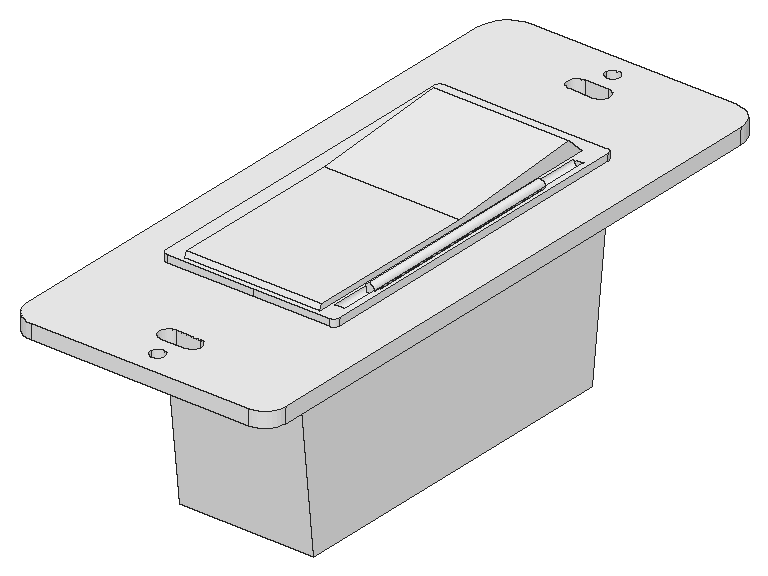
Revit family "RSD", category Communication Devices, host Face, Revit 2014
Parameters (values of type "RSDE06")
  Warranty = "5-Years Warranty"  # constant formula
  Voltage = "120/277VAC"
  Type Comments = "Rocker Slide Dimmers"  # constant formula
  URL = "https://www.hubbell.com/hubbellcontrolsolutions/en"
  Switch Type = "Single-Pole & 3-Way"
  RSDL06 = 0.00"
  Mounting = "Single-gang NEMA-style switch box, Decorator-style wall plate"
  Model = "RSDE06"
  Manufacturer = "Hubbell Control Solutions"  # constant formula
  Width = 1.75"
  Load Type = "0–10V, 0–10V Fluorescent (120V),\r\n0–10V Fluorescent (277V)"
  LED = no
  Frequency = 60 Hz
  Features = "Rocker switch with slender dimmer control slide bar\r\n• Integrated linear full-range slide control for easy, precise operation\r\n• Separate ON/OFF switch that preserves the selected brightness setting\r\n• Provides single pole (one location) or 3-way (two location) lighting control\r\nwhen paired with a 3-way switch\r\n• Slim, compact housing fits easily into a standard wallbox\r\n• No fins for multi-gang installation\r\n• Built-in radio/TV interference filter"  # constant formula
  Black = Paint - Hubbell - Carbon Black
  Height = 4.13"
  White = Paint - Hubbell - Matte White
  Description = "Rocker-Slide Dimmer for Electronic Low Voltage, Dimmable LED and CFL, 600VA@120VAC Electronic Low Voltage,\r\n300W@120VAC Dimmable LED and CFL, 60Hz, Neutral Required, Single Pole or 3-Way - White, Ivory & Light Almond"
  Default Elevation = 48.00"
  Create Date = "09/11/2019"
  Copyright = "Copyright © 2019 Hubbell Control Solutions"  # constant formula
  Contact Us = "https://www.hubbell.com/hubbellcontrolsolutions/en/contactUs"
  Assembly Code = "D5090"
Types (5): name | Model | LED | Description
  (no name) | "RSDE06" | no | "Rocker-Slide Dimmer for Electronic Low Voltage, Dimmable LED and CFL, 600VA@120VAC Electronic Low Voltage,\r\n300W@120VAC Dimmable LED and CFL, 60Hz, Neutral Required, Single Pole or 3-Way - White, Ivory & Light Almond"
  RSD710 | "RSD710" | yes | "Rocker-Slide Dimmer for Fluorescent Ballast and LED Power Supply, 0-10V Dimming, 1200VA@120VAC, 1500VA@277VAC,\r\n60Hz, Single Pole or 3-Way, Suitable for use with Class 1 or Class 2 wiring - White, Ivory & Light Almond"
  RSDL06 | "RSDL06" | yes | "Rocker-Slide Dimmer for Dimmable LED, CFL and Incandescent, Locator Light, 600W@120VAC Incandescent,\r\n300W@120VAC Dimmable LED and CFL, 60Hz, Single Pole or 3-Way - White, Ivory & Light Almond"
  RSDE06 | "RSDE06" | no | "Rocker-Slide Dimmer for Electronic Low Voltage, Dimmable LED and CFL, 600VA@120VAC Electronic Low Voltage,\r\n300W@120VAC Dimmable LED and CFL, 60Hz, Neutral Required, Single Pole or 3-Way - White, Ivory & Light Almond"
  RSDM10 | "RSDM10" | no | "Rocker-Slide Dimmer for MLV, Incandescent, Dimmable LED and CFL, Locator Light, 1000VA@120VAC MLV, 1000W@120VAC\r\nIncandescent, 450W@120VAC Dimmable LED and CFL, 60Hz, Single Pole or 3-Way - White, Ivory & Light Almond"
Reference planes (in)
  plane 1 "Center (Front/Back)": y = 13.01342
  plane 2: z = 0
  plane 3 "Center (Left/Right)": x = 0
  plane 4: x = -0.875
  plane 5: x = 0.875
  plane 6: y = 15.07842
  plane 7: y = 10.94842
  plane 8: z = -1.32
  plane 9: z = 0.3
Forms (in)
  Extrusion 1, solid, material "Paint - Hubbell - Matte White" <- "White"
    sketch origin (0, 0, -0.5) x (1, 0, 0) y (0, 1, 0)
      loop
        arc (-0.67464, 15.07842) -> (-0.81632, 15.01973) -> (-0.875, 14.87806) r 0.20036
        line (-0.875, 14.87806) -> (-0.875, 11.10356)
        arc (-0.875, 11.10356) -> (-0.82956, 10.99386) -> (-0.71986, 10.94842) r 0.15514
        line (-0.71986, 10.94842) -> (0.73768, 10.94842)
        arc (0.73768, 10.94842) -> (0.83478, 10.98864) -> (0.875, 11.08574) r 0.13732
        line (0.875, 11.08574) -> (0.875, 14.89733)
        arc (0.875, 14.89733) -> (0.82196, 15.02538) -> (0.69391, 15.07842) r 0.18109
        line (0.69391, 15.07842) -> (-0.67464, 15.07842)
      loop
        circle (0, 14.92027) r 0.04866
      loop
        arc (0.07312, 14.66031) -> (0.13646, 14.72365) -> (0.07312, 14.78699) r 0.06334
        line (0.07312, 14.78699) -> (-0.08305, 14.78699)
        arc (-0.08305, 14.78699) -> (-0.14639, 14.72365) -> (-0.08305, 14.66031) r 0.06334
        line (-0.08305, 14.66031) -> (0.07312, 14.66031)
      loop
        circle (0, 11.10657) r 0.04866
      loop
        line (0.07312, 11.36652) -> (-0.08305, 11.36652)
        arc (-0.08305, 11.36652) -> (-0.14639, 11.30319) -> (-0.08305, 11.23985) r 0.06334
        line (-0.08305, 11.23985) -> (0.07312, 11.23985)
        arc (0.07312, 11.23985) -> (0.13646, 11.30319) -> (0.07312, 11.36652) r 0.06334
    from 0.6 to 0.5
  Extrusion 2, solid, material "Paint - Hubbell - Matte White" <- "White"
    sketch origin (0, 0, 0) x (1, 0, 0) y (0, 1, 0)
      loop
        arc (-0.57385, 14.22705) -> (-0.6012, 14.21572) -> (-0.61252, 14.18838) r 0.03867
        line (-0.61252, 14.18838) -> (-0.61252, 11.94372)
        arc (-0.61252, 11.94372) -> (-0.60033, 11.91428) -> (-0.57089, 11.90209) r 0.04164
        line (-0.57089, 11.90209) -> (0, 11.90209) -> (0.51541, 11.90209)
        arc (0.51541, 11.90209) -> (0.5413, 11.91281) -> (0.55202, 11.93869) r 0.03661
        line (0.55202, 11.93869) -> (0.55202, 14.18747)
        arc (0.55202, 14.18747) -> (0.54043, 14.21546) -> (0.51244, 14.22705) r 0.03957
        line (0.51244, 14.22705) -> (0, 14.22705) -> (-0.57385, 14.22705)
    from 0.14375 to 0.1
  Blend 3, solid, material "Paint - Hubbell - Matte White" <- "White"
    base sketch origin (0, 0, 0) x (1, 0, 0) y (0, 1, 0)
      loop
        line (-0.48509, 14.38019) -> (-0.48509, 11.75019) -> (0.41835, 11.75019) -> (0.41835, 14.38019) -> (-0.48509, 14.38019)
    top sketch origin (0, 0, 0) x (1, 0, 0) y (0, 1, 0)
      loop
        line (-0.48509, 14.22705) -> (-0.48509, 11.90209) -> (0.41139, 11.90209) -> (0.41139, 14.22705) -> (-0.48509, 14.22705)
    from 0 to -1.32
  Extrusion 4, solid, material "Paint - Hubbell - Matte White" <- "White"
    sketch origin (0, 0, 0) x (0, 1, 0) y (0, 0, 1)
      loop
        line (14.02763, 0.24504) -> (13.11169, 0.17539) -> (11.95605, 0.17539) -> (11.94029, 0.14159) -> (14.13107, 0.14159) -> (14.02763, 0.24504)
    from 0.42112 to -0.48509
  Extrusion 5, void
    sketch origin (0, 13.01342, 0) x (1, 0, 0) y (0, 0, 1)
      loop
        arc (0.44792, 0.14375) -> (0.48167, 0.11) -> (0.51541, 0.14375) r 0.03375
        line (0.51541, 0.14375) -> (0.44792, 0.14375)
    from 0.98027 to -1.01421
  Extrusion 6, solid, material "Paint - Hubbell - Matte White" <- "White"
    sketch origin (0, 13.01342, 0) x (1, 0, 0) y (0, 0, 1)
      loop
        circle (0.48167, 0.14375) r 0.031
    from 0.72717 to -0.69633
  Extrusion 7, solid, material "Paint - Hubbell - Carbon Black" <- "Black", visible <- "LED"
    sketch origin (0, 0, 0.14375) x (1, 0, 0) y (0, 1, 0)
      loop
        line (-0.05396, 11.90896) -> (0.05826, 11.90896) -> (0.05826, 11.93996) -> (-0.05396, 11.93996) -> (-0.05396, 11.90896)
    from 0.01662 to 0
Cuts and joins
  Extrusion 5 cuts Extrusion 1
  Extrusion 5 cuts Extrusion 2
  joined: Extrusion 1, Extrusion 2
Dimensions and locks (in)
  plane 2 to plane 8 = 1.32"
  "Width": plane 4 to plane 5
  equal spacing: plane 4, plane 3 "Center (Left/Right)", plane 5
  "Height": plane 7 to plane 6
  equal spacing: plane 7, plane 1 "Center (Front/Back)", plane 6
  plane 9 to plane 8 = 1.62"
  plane 8 to plane 2 = 1.32"
  aligned and locked: plane 2 to host face
  aligned and locked: level to host face
Automatic sketch dimensions
  host sketch curve to host sketch curve = 96.00"  (x2)
  plane 4 to Blend 3 sketch curve = 0.38991"  (x2)
  plane 3 "Center (Left/Right)" to Blend 3 sketch curve = 0.41835"
  Blend 3 sketch curve to plane 7 = 0.80177"
  plane 6 to Blend 3 sketch curve = 0.69823"
  plane 3 "Center (Left/Right)" to Blend 3 sketch curve = 0.41139"
  Blend 3 sketch curve to plane 7 = 0.95367"
  plane 6 to Blend 3 sketch curve = 0.85137"
  Extrusion 1 sketch curve to plane 4 = 0.00"
  plane 7 to Extrusion 1 sketch curve = 0.00"
  plane 6 to Extrusion 1 sketch curve = 0.00"
  Extrusion 1 sketch curve to plane 3 "Center (Left/Right)" = 0.00"  (x2)
  Extrusion 1 sketch curve to plane 5 = 0.00"
  plane 4 to Extrusion 1 sketch curve = 0.15514"
  plane 4 to Extrusion 1 sketch curve = 0.20036"
  Extrusion 1 sketch curve to plane 3 "Center (Left/Right)" = 0.08305"  (x2)
  plane 3 "Center (Left/Right)" to Extrusion 1 sketch curve = 0.07312"  (x2)
  Extrusion 1 sketch curve to plane 5 = 0.18109"
  Extrusion 1 sketch curve to Extrusion 1 sketch curve = 0.13732"
  Extrusion 1 sketch curve to plane 7 = 0.15815"
  Extrusion 1 sketch curve to Extrusion 1 sketch curve = 0.13328"  (x2)
  Extrusion 1 sketch curve to Extrusion 1 sketch curve = 0.06334"  (x2)
  plane 6 to Extrusion 1 sketch curve = 0.41811"
  Extrusion 2 sketch curve to plane 3 "Center (Left/Right)" = 0.00"  (x2)
  plane 4 to Extrusion 2 sketch curve = 0.30411"
  plane 4 to Extrusion 2 sketch curve = 0.30115"
  Extrusion 2 sketch curve to Extrusion 2 sketch curve = 0.03867"
  Extrusion 2 sketch curve to plane 5 = 0.36256"
  Extrusion 2 sketch curve to plane 5 = 0.35959"
  Extrusion 2 sketch curve to Extrusion 2 sketch curve = 0.03957"
  Extrusion 2 sketch curve to plane 7 = 0.95367"
  plane 6 to Extrusion 2 sketch curve = 0.89095"
  level to Extrusion 5 sketch curve = 0.14375"
  Extrusion 5 sketch curve to plane 5 = 0.39333"
  Extrusion 5 sketch curve to Extrusion 5 sketch curve = 0.03375"
  level to Extrusion 6 sketch curve = 0.14375"
  Extrusion 6 sketch curve to plane 5 = 0.39333"
  level to Extrusion 4 sketch curve = 0.14159"
  Extrusion 4 sketch curve to plane 7 = 0.99187"
  Extrusion 4 sketch curve to Extrusion 4 sketch curve = 0.01576"
  Extrusion 4 sketch curve to plane 1 "Center (Front/Back)" = 0.09828"
  plane 9 to Extrusion 4 sketch curve = 0.05496"
  Extrusion 4 sketch curve to Extrusion 4 sketch curve = 0.10345"
  plane 9 to Extrusion 4 sketch curve = 0.12461"
  Extrusion 4 sketch curve to Extrusion 4 sketch curve = 0.91593"
  Extrusion 7 sketch curve to Extrusion 2 = 0.03787"
  Extrusion 7 sketch curve to Extrusion 2 = 0.55856"
  Extrusion 7 sketch curve to Extrusion 7 sketch curve = 0.11222"
  Extrusion 7 sketch curve to Extrusion 2 = 0.00687"
  radius of Extrusion 1 sketch curve = 0.04866"  (x2)
  radius of Extrusion 6 sketch curve = 0.031"
Connectors (in)
  electrical at (0.00464, 13.0023, 0.1)
    settings: on cut or joined group of Extrusion 1, Extrusion 2, Extrusion 5, index 1, voltage 0 V, apparent load 0 VA, apparent load phase1 0 VA, apparent load phase2 0 VA, apparent load phase3 0 VA, power factor 1, load classification "Other", number of poles 1, system type 14, power factor state 1, is connector primary yes, connector utility no, sub classification motor no, connector description "Wall Switch Occupancy Sensors"
